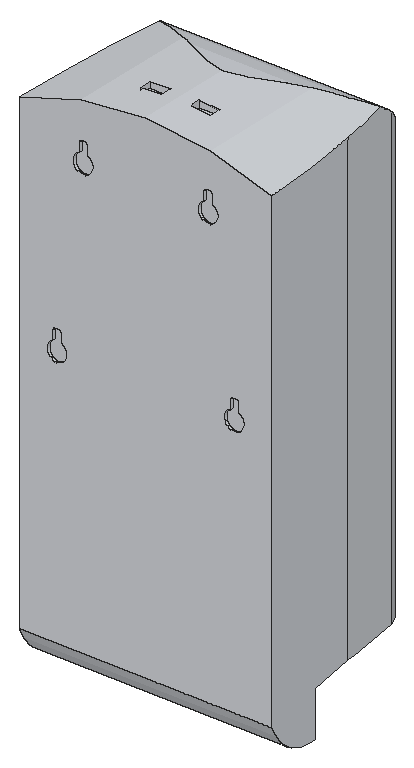
Revit family "AX9428-HA-W_0016", category Appareils sanitaires, Revit 2016
Family settings
  Hôte = Mur
  Type d'élément = Normal
  Cote de connecteur circulaire = Utiliser le diamètre
  Numéro OmniClass = 23.75.00.00
  Titre OmniClass = Climate Control (HVAC)
  Toujours verticalement = Oui
  Couper avec des vides une fois chargée = Non
  Partagée = Non
  Point de calcul de pièce = Non
Parameters (values of type "Type 1")
  URL = "https://www.axeuro.com/fr/distributeurs-de-gel-hydroalcoolique/26121-distributeur-de-savon-electronique-ax9428-ha-w-3700926008599.html"
  Type de produit / Type of product = "Distributeur automatique de gel hydroalcoolique / Hydroalcoholic gel dispenser"  # constant formula
  Référence / Reference = "AX9428-HA-W"  # constant formula
  Model = ""
  Manufacturer = ""
  Entreprise / Company = "Axeuro"  # constant formula
  Description = ""
Reference planes
  plane 1 "Mur": y = 0
  plane 2 "Centre (gauche/droite)": x = 0
  plane 3 "Arrière": y = 75
Forms (mm)
  Extrusion 1, solid
    sketch origin (-77.512, -843.29, 697.011) x (1, 0, 0) y (0, 1, 0)
      loop
        arc (131.512, 918.29) -> (130.153, 940.821) -> (128.012, 963.29) r 649.548
        arc (128.012, 963.29) -> (126.063, 977.837) -> (123.512, 992.29) r 353.068
        arc (123.512, 992.29) -> (115.839, 1002.832) -> (104.512, 1009.29) r 31.018
        arc (104.512, 1009.29) -> (91.171, 1012.368) -> (77.512, 1013.29) r 86.032
        arc (77.512, 1013.29) -> (63.852, 1012.368) -> (50.512, 1009.29) r 86.032
        arc (50.512, 1009.29) -> (39.184, 1002.832) -> (31.512, 992.29) r 31.018
        arc (31.512, 992.29) -> (28.96, 977.837) -> (27.012, 963.29) r 353.068
        arc (27.012, 963.29) -> (24.871, 940.821) -> (23.512, 918.29) r 649.548
        line (23.512, 918.29) -> (131.512, 918.29)
    from 19 to 250
  Extrusion 2, void
    sketch origin (0, 0, 0) x (0, 1, 0) y (0, 0, 1)
      loop
        line (75, 947.011) -> (116, 947.011)
        arc (116, 947.011) -> (145.264, 936.029) -> (164, 911.011) r 55.682
        arc (164, 911.011) -> (168.938, 842.1) -> (169, 773.011) r 978.153
        arc (169, 773.011) -> (167.893, 733.278) -> (166.162, 693.567) r 2533.882
        line (166.162, 693.567) -> (199, 693.567) -> (199, 951.011) -> (75, 951.011) -> (75, 947.011)
    from -80.116 to 80
  Extrusion 3, void
    sketch origin (0, 75, 0) x (1, 0, 0) y (0, 0, 1)
      loop
        line (54, 936.011) -> (64, 936.011) -> (64, 956.011) -> (-62.501, 956.011) -> (-62.501, 936.011) -> (-54, 936.011)
        arc (-54, 936.011) -> (0, 947.011) -> (54, 936.011) r 138.045
    from -132.668 to 15.486
  Extrusion 4, void
    sketch origin (0, 75, 39) x (1, 0, 0) y (0, 0, 1)
      loop
        line (52.604, 677.014) -> (52.604, 695.511)
        arc (52.604, 695.511) -> (51.871, 697.281) -> (50.102, 698.014) r 2.502
        arc (50.102, 698.014) -> (25.078, 696.225) -> (0, 695.511) r 584.194
        arc (0, 695.511) -> (-25.078, 696.225) -> (-50.102, 698.014) r 584.194
        arc (-50.102, 698.014) -> (-51.871, 697.281) -> (-52.604, 695.511) r 2.502
        line (-52.604, 695.511) -> (-52.604, 677.014) -> (52.604, 677.014)
    from -109.954 to -25
  Extrusion 5, void
    sketch origin (0, 0, 39) x (0, 1, 0) y (0, 0, 1)
      loop
        line (75, 677.011) -> (98, 677.011)
        arc (98, 677.011) -> (83.991, 681.405) -> (75, 693.011) r 24.531
        line (75, 693.011) -> (75, 677.011)
    from -80.116 to 80
  Extrusion 6, void
    sketch origin (112.858, 75, 26.939) x (1, 0, 0) y (0, 0, 1)
      loop
        arc (-111.303, 844.075) -> (-112.858, 845.073) -> (-114.413, 844.075) r 1.711
        arc (-114.413, 844.075) -> (-121.302, 831.496) -> (-126.349, 818.073) r 101.512
        arc (-126.349, 818.073) -> (-112.858, 805.073) -> (-99.367, 818.073) r 13.5
        arc (-99.367, 818.073) -> (-104.414, 831.496) -> (-111.303, 844.075) r 101.512
    from -95.83 to -91.001
  Extrusion 7, void
    sketch origin (50.861, -108.869, 0) x (1, 0, 0) y (0, 1, 0)
      loop
        line (-65.861, 204.869) -> (-65.861, 199.869) -> (-56.861, 199.869) -> (-56.861, 204.869) -> (-65.861, 204.869)
    from 943.887 to 949.708
  Extrusion 8, void
    sketch origin (-50.861, -108.869, 0) x (-1, 0, 0) y (0, -1, 0)
      loop
        line (-65.861, -204.869) -> (-56.861, -204.869) -> (-56.861, -199.869) -> (-65.861, -199.869) -> (-65.861, -204.869)
    from 943.887 to 949.708
  Extrusion 9, void
    sketch origin (0, 75, 5.868) x (1, 0, 0) y (0, 0, 1)
      loop
        circle (0, 814.143) r 3
    from -95.83 to -92.164
  Extrusion 10, void
    sketch origin (-82.664, 0, 30.78) x (1, 0, 0) y (0, 0, 1)
      loop
        arc (107.614, 893.102) -> (109.414, 885.002) -> (111.214, 893.102) r 4.25
        line (111.214, 893.102) -> (111.214, 897.067)
        arc (111.214, 897.067) -> (109.414, 898.232) -> (107.614, 897.067) r 1.974
        line (107.614, 897.067) -> (107.614, 893.102)
    from -76.045 to -75
  Extrusion 11, void
    sketch origin (71.414, 0, -45.22) x (-1, 0, 0) y (0, 0, -1)
      loop
        line (107.614, -893.102) -> (107.614, -897.067)
        arc (107.614, -897.067) -> (109.414, -898.232) -> (111.214, -897.067) r 1.974
        line (111.214, -897.067) -> (111.214, -893.102)
        arc (111.214, -893.102) -> (109.414, -885.002) -> (107.614, -893.102) r 4.25
    from -76.045 to -75
  Extrusion 12, void
    sketch origin (-136.164, 0, 30.78) x (1, 0, 0) y (0, 0, 1)
      loop
        arc (107.614, 893.102) -> (109.414, 885.002) -> (111.214, 893.102) r 4.25
        line (111.214, 893.102) -> (111.214, 897.067)
        arc (111.214, 897.067) -> (109.414, 898.232) -> (107.614, 897.067) r 1.974
        line (107.614, 897.067) -> (107.614, 893.102)
    from -76.045 to -75
  Extrusion 13, void
    sketch origin (-71.414, 0, -45.22) x (1, 0, 0) y (0, 0, 1)
      loop
        arc (107.614, 893.102) -> (109.414, 885.002) -> (111.214, 893.102) r 4.25
        line (111.214, 893.102) -> (111.214, 897.067)
        arc (111.214, 897.067) -> (109.414, 898.232) -> (107.614, 897.067) r 1.974
        line (107.614, 897.067) -> (107.614, 893.102)
    from -76.045 to -75
Cuts and joins
  Extrusion 2, Extrusion 3, Extrusion 4, Extrusion 5, Extrusion 6, Extrusion 7, Extrusion 8, Extrusion 9, Extrusion 10, Extrusion 11, Extrusion 12, Extrusion 13 cuts Extrusion 1
Lines and regions (mm)
  reference lines
    curve 1: line (0, 75, 947.011) -> (0, 75, 823.011)
    curve 2: line (0, 75, 873.011) -> (0, 75, 947.011)
Text (mm)
  text "Côté de la mise en place" at (-1820.995, 1116.779, 0), in view "Niveau de réf."
  text "Côté de la mise en place" at (0, 1334.055, 2976.191), in view "Gauche"
  text "Côté de la mise en place" at (0, 439.194, 2944.362), in view "Droite"
Dimensions and locks
  locked: plane 3 "Arrière" to host wall
  aligned and locked: plane 1 "Mur" to host wall
